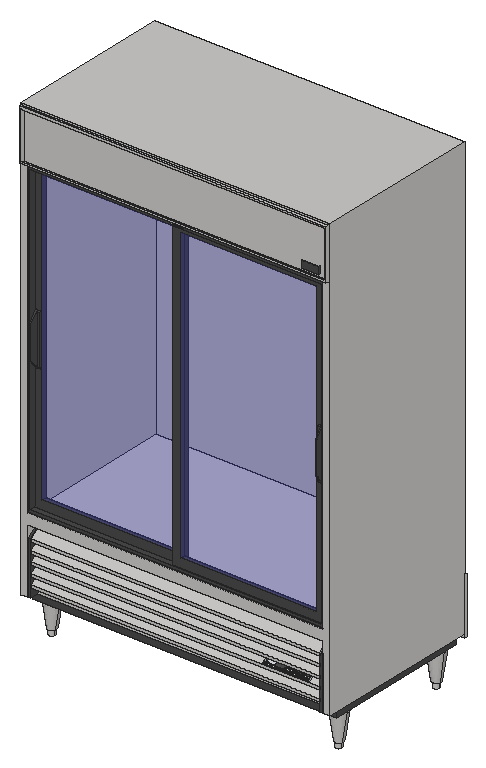
Revit family "QF_TRUE_TSD-47G-HC", category Specialty Equipment, Revit 2016 (continued)
Definition of nested family "TRUE_L6_C3.25"
  Definition of nested family "HATCO_4 INCHES_CASTER"
    Forms (in)
      Extrusion 5, solid, visible <- "Show 4 Inches Caster"
        from 2.74918 to 2.90825
    Cuts and joins
      joined: Extrusion 2, Extrusion 4, Extrusion 5
    Lines and regions (in)
      symbolic lines, visible <- "Show 4 Inches Caster"
        curve 1: line (0.28481, 2.83041, 0) -> (1.24556, 2.27572, 0)
        curve 2: line (-1.26206, 0.15114, 0) -> (-0.69281, 1.13711, 0)
        curve 3: line (-0.30132, -0.40355, 0) -> (-1.26206, 0.15114, 0)
        curve 4: line (1.24556, 2.27572, 0) -> (0.69868, 1.3285, 0)
        curve 5: line (-0.2461, 1.91084, 0) -> (0.28481, 2.83041, 0)
        curve 6: line (0.19868, 0.46248, 0) -> (-0.30132, -0.40355, 0)
    Dimensions and locks (in)
      plane 4 "TOP" to level = 4"  (x2)
      aligned and locked: level to plane 1
  Definition of nested family "2.5 INCHES_CASTER"
    Parameters (values of type "2.5 INCHES_CASTER")
      Weight = ""
      URL Manufacturer = ""
      URL Cutsheet = ""
      URL = ""
      Type Mark [instance] = ""
      Specification by User [instance] = ""
      Specification by Manufacturer = ""
      Serial Number = ""
      Seismic Rating = ""
      SMACNA No = ""
      Revision Code [instance] = ""
      Omniclass Number and Title = ""
      NAFEM Spec ID Number = ""
      Model = ""
      MasterSpec. = ""
      Manufacturer = ""
      Item Number [instance] = ""
      Installed By [instance] = ""
      Identify Quantity as Lot [instance] = yes
      Furnished By [instance] = ""
      Foodservice Equipment Identifier [instance] = yes
      Description = ""
      CSI MasterFormat = ""
      CSI Master Format = ""
      Assembly Code = ""
      2.5 Inches Caster [instance] = yes
    Reference planes (in)
      plane 1: z = 0
      plane 2 "RIGHT": x = 0
      plane 3 "FRONT": y = 0
      plane 4 "TOP": z = 2.5
    Forms (in)
      Revolve 1, solid, visible <- "2.5 Inches Caster"
        sketch origin (-1.93794, 0.83816, -1.0041) x (1, 0, 0) y (0, 0, 1)
          loop
            line (0.74055, 1.92597) -> (0.74055, 1.85047) -> (0.79055, 1.80047) -> (0.85055, 1.80047) -> (0.85055, 1.6804) -> (1.235, 1.6804) -> (1.235, 1.61305) -> (1.38673, 1.52545) -> (1.4003, 1.4416) -> (1.34375, 1.4416) -> (1.34375, 1.3166) -> (1.375, 1.3166) -> (1.375, 1.0041) -> (2.48438, 1.0041) -> (2.48438, 1.3166) -> (2.51563, 1.3166) -> (2.51563, 1.4416) -> (2.45908, 1.4416) -> (2.47322, 1.52897) -> (2.62438, 1.61624) -> (2.62438, 1.6804) -> (3.04007, 1.6804) -> (3.04007, 1.80047) -> (3.10007, 1.80047) -> (3.15007, 1.85047) -> (3.15007, 1.92597) -> (0.74055, 1.92597)
          axis (0.74055, 1.92597) -> (3.15007, 1.92597)
        angle from 0 to 360
      Extrusion 2, solid, visible <- "2.5 Inches Caster"
        sketch origin (-1.93794, 1.80294, -3.2541) x (0, 1, 0) y (0, 0, 1)
          loop
            line (-0.64294, 5.43229) -> (-0.64294, 5.55298) -> (-2.21294, 5.55298) -> (-2.21294, 5.30272) -> (-1.81966, 5.30272)
            arc (-1.81966, 5.30272) -> (-1.13638, 5.20789) -> (-0.46376, 5.05475) r 8.02767
            arc (-0.46376, 5.05475) -> (-0.19511, 4.95469) -> (0.05138, 4.80832) r 1.60049
            line (0.05138, 4.80832) -> (0.12713, 4.91318)
            arc (0.12713, 4.91318) -> (-0.07255, 5.06376) -> (-0.29048, 5.18644) r 1.8753
            line (-0.29048, 5.18644) -> (-0.22239, 5.30423)
            arc (-0.22239, 5.30423) -> (-0.42776, 5.38437) -> (-0.64294, 5.43229) r 1.44292
        from 1.17357 to 2.70231
      Revolve 3, solid, visible <- "2.5 Inches Caster"
        sketch origin (0, 2.10856, -3.75) x (0, 1, 0) y (0, 0, 1)
          loop
            line (-1.73858, 6.25) -> (-1.73858, 6.04889) -> (-1.05793, 6.04889) -> (-1.05793, 6.25) -> (-1.73858, 6.25)
          axis (-1.73858, 6.04889) -> (-1.73858, 6.25)
        angle from 0 to 360
      Extrusion 4, solid, visible <- "2.5 Inches Caster"
        sketch origin (-1.98481, 1.80294, -1.7541) x (0, 1, 0) y (0, 0, 1)
          loop
            line (-2.21294, 4.05298) -> (-2.21294, 3.80272) -> (-2.13999, 3.80272)
            arc (-2.13999, 3.80272) -> (-1.62379, 3.51899) -> (-1.39241, 2.97729) r 0.90292
            arc (-1.39241, 2.97729) -> (-1.36136, 2.78161) -> (-1.29729, 2.59413) r 1.15385
            arc (-1.29729, 2.59413) -> (-0.94802, 2.37355) -> (-0.6121, 2.61396) r 0.37001
            arc (-0.6121, 2.61396) -> (-0.59625, 2.66241) -> (-0.58446, 2.712) r 0.61695
            arc (-0.58446, 2.712) -> (-0.36134, 3.11665) -> (0.05609, 3.31484) r 0.75313
            line (0.05609, 3.31484) -> (0.12713, 3.41318)
            arc (0.12713, 3.41318) -> (-0.07255, 3.56376) -> (-0.29048, 3.68644) r 1.8753
            line (-0.29048, 3.68644) -> (-0.22239, 3.80423)
            arc (-0.22239, 3.80423) -> (-0.42776, 3.88437) -> (-0.64294, 3.93229) r 1.44292
            line (-0.64294, 3.93229) -> (-0.64294, 4.05298) -> (-2.21294, 4.05298)
        from 2.74918 to 2.90825
      Extrusion 5, solid, visible <- "2.5 Inches Caster"
        sketch origin (1.98481, 1.80294, -1.7541) x (0, 1, 0) y (0, 0, -1)
          loop
            line (-2.21294, -4.05298) -> (-0.64294, -4.05298) -> (-0.64294, -3.93229)
            arc (-0.64294, -3.93229) -> (-0.42776, -3.88437) -> (-0.22239, -3.80423) r 1.44292
            line (-0.22239, -3.80423) -> (-0.29048, -3.68644)
            arc (-0.29048, -3.68644) -> (-0.07255, -3.56376) -> (0.12713, -3.41318) r 1.8753
            line (0.12713, -3.41318) -> (0.05609, -3.31484)
            arc (0.05609, -3.31484) -> (-0.36134, -3.11665) -> (-0.58446, -2.712) r 0.75313
            arc (-0.58446, -2.712) -> (-0.59625, -2.66241) -> (-0.6121, -2.61396) r 0.61695
            arc (-0.6121, -2.61396) -> (-0.94802, -2.37355) -> (-1.29729, -2.59413) r 0.37001
            arc (-1.29729, -2.59413) -> (-1.36136, -2.78161) -> (-1.39241, -2.97729) r 1.15385
            arc (-1.39241, -2.97729) -> (-1.62379, -3.51899) -> (-2.13999, -3.80272) r 0.90292
            line (-2.13999, -3.80272) -> (-2.21294, -3.80272) -> (-2.21294, -4.05298)
        from 2.74918 to 2.90825
    Lines and regions (in)
      symbolic lines, visible <- "2.5 Inches Caster"
        curve 1: line (0.10651, 1.96132, 0) -> (0.80944, 1.55548, 0)
        curve 2: line (-0.89349, 0.22927, 0) -> (0.10651, 1.96132, 0)
        curve 3: line (-0.19056, -0.17657, 0) -> (-0.89349, 0.22927, 0)
        curve 4: line (0.80944, 1.55548, 0) -> (-0.19056, -0.17657, 0)
    Dimensions and locks (in)
      plane 4 "TOP" to level = 2 1/2"  (x2)
      aligned and locked: level to plane 1
